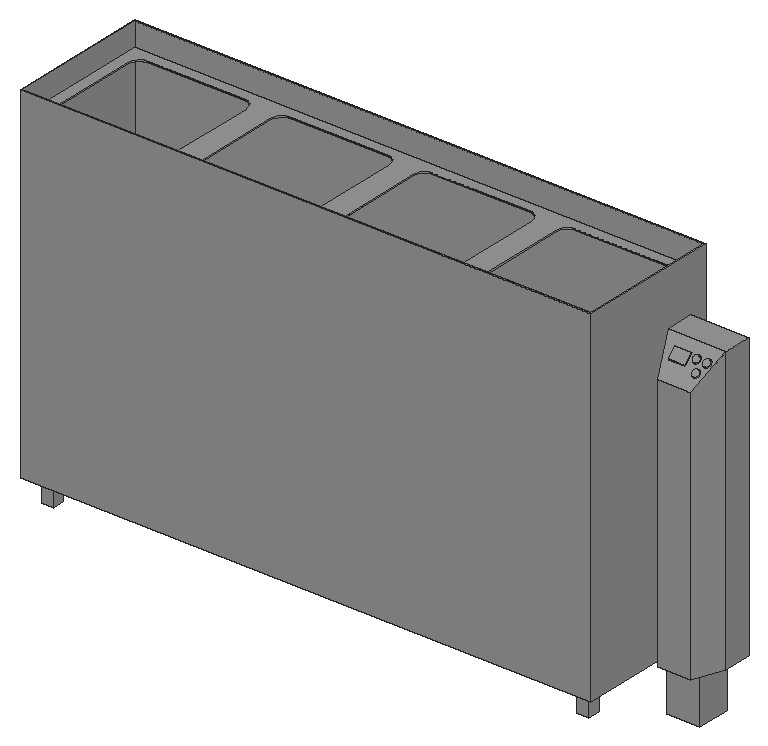
Revit family "Урна для раздельного сбора мусора «Серво» Арт 12773", category Антураж, Revit 2018
Family settings
  На основе рабочей плоскости = Нет
  Всегда вертикально = Да
  При загрузке вырезать с полостями = Нет
  Источник визуального образа = Геометрия семейства
  Общий = Нет
  Точка расчета площади = Нет
Parameters (values of type "4 секции плюс урна для батареек")
  Ширина = 300 mm  # constant formula
  Цвет урны для батареек = Для батареек
  Цвет урны = Сталь
  Урна для батареек = yes
  Описание = if(Урна для батареек, "Урна для раздельного сбора мусора «Серво». 4 секции плюс урна для батареек", "Урна для раздельного сбора мусора «Серво». 4 секции")  # "Урна для раздельного сбора мусора «Серво». 4 секции плюс урна для батареек"
  Материал изделия = "Сталь"  # constant formula
  Изображение типоразмера = Урна для раздельного сбора мусора «Серво» 4 секции плюс урна для батареек Арт 12773.jpg
  Изготовитель = "ООО «Хоббика»"  # constant formula
  Длина = 1200 mm  # constant formula
  Группа модели = "Уличные урны"  # constant formula
  Высота = 780 mm  # constant formula
  Артикул товара = "Арт. 12773"  # constant formula
  URL = "https://hobbyka.ru/product/urna_dlya_razdelnogo_sbora_musora_servo/"
Types (3, lengths in mm): name | Урна для батареек | Описание | Изображение типоразмера
  (no name) | yes | "Урна для раздельного сбора мусора «Серво». 4 секции плюс урна для батареек" | Урна для раздельного сбора мусора «Серво» 4 секции плюс урна для батареек Арт 12773.jpg
  4 секции плюс урна для батареек | yes | "Урна для раздельного сбора мусора «Серво». 4 секции плюс урна для батареек" | Урна для раздельного сбора мусора «Серво» 4 секции плюс урна для батареек Арт 12773.jpg
  4 секции | no | "Урна для раздельного сбора мусора «Серво». 4 секции" | Урна для раздельного сбора мусора «Серво» 4 секции Арт 12773.jpg
Reference planes
  plane 1 "По центру (Вперед/Назад)": y = 0
  plane 2: z = 0
  plane 3 "По центру (Влево/Вправо)": x = 0
  plane 4: x = 1200
  plane 5: y = 300
  plane 6: z = 780
Forms (mm)
  Extrusion 1, solid, material "Сталь" <- "Цвет урны"
    sketch origin (0, 0, 0) x (1, 0, 0) y (0, 1, 0)
      loop
        line (0, 300) -> (0, 0) -> (1200, 0) -> (1200, 300) -> (0, 300)
      loop
        line (2, 298) -> (2, 2) -> (1198, 2) -> (1198, 298) -> (2, 298)
    from 50 to 780
  Extrusion 2, solid, material "Черный"
    sketch origin (0, 0, 0) x (1, 0, 0) y (0, 1, 0)
      loop
        line (25, 275) -> (25, 250) -> (50, 250) -> (50, 275) -> (25, 275)
      loop
        line (25, 25) -> (50, 25) -> (50, 50) -> (25, 50) -> (25, 25)
      loop
        line (1175, 25) -> (1175, 50) -> (1150, 50) -> (1150, 25) -> (1175, 25)
      loop
        line (1175, 275) -> (1150, 275) -> (1150, 250) -> (1175, 250) -> (1175, 275)
    from 0 to 50
  Extrusion 3, solid, material "Сталь" <- "Цвет урны"
    sketch origin (0, 0, 0) x (1, 0, 0) y (0, 1, 0)
      loop
        line (2, 298) -> (2, 2) -> (1198, 2) -> (1198, 298) -> (2, 298)
    from 50 to 52
  Extrusion 4, solid, material "Сталь" <- "Цвет урны"
    sketch origin (0, 0, 0) x (1, 0, 0) y (0, 1, 0)
      loop
        line (2, 298) -> (2, 2) -> (1198, 2) -> (1198, 298) -> (2, 298)
    from 728 to 730
  Extrusion 5, void
    sketch origin (0, 0, 0) x (1, 0, 0) y (0, 1, 0)
      loop
        arc (50, 275) -> (32.322, 267.678) -> (25, 250) r 25
        line (25, 250) -> (25, 50)
        arc (25, 50) -> (32.322, 32.322) -> (50, 25) r 25
        line (50, 25) -> (250, 25)
        arc (250, 25) -> (267.678, 32.322) -> (275, 50) r 25
        line (275, 50) -> (275, 250)
        arc (275, 250) -> (267.678, 267.678) -> (250, 275) r 25
        line (250, 275) -> (50, 275)
      loop
        arc (350, 275) -> (332.322, 267.678) -> (325, 250) r 25
        line (325, 250) -> (325, 50)
        arc (325, 50) -> (332.322, 32.322) -> (350, 25) r 25
        line (350, 25) -> (550, 25)
        arc (550, 25) -> (567.678, 32.322) -> (575, 50) r 25
        line (575, 50) -> (575, 250)
        arc (575, 250) -> (567.678, 267.678) -> (550, 275) r 25
        line (550, 275) -> (350, 275)
      loop
        arc (650, 275) -> (632.322, 267.678) -> (625, 250) r 25
        line (625, 250) -> (625, 50)
        arc (625, 50) -> (632.322, 32.322) -> (650, 25) r 25
        line (650, 25) -> (850, 25)
        arc (850, 25) -> (867.678, 32.322) -> (875, 50) r 25
        line (875, 50) -> (875, 250)
        arc (875, 250) -> (867.678, 267.678) -> (850, 275) r 25
        line (850, 275) -> (650, 275)
      loop
        arc (950, 275) -> (932.322, 267.678) -> (925, 250) r 25
        line (925, 250) -> (925, 50)
        arc (925, 50) -> (932.322, 32.322) -> (950, 25) r 25
        line (950, 25) -> (1150, 25)
        arc (1150, 25) -> (1167.678, 32.322) -> (1175, 50) r 25
        line (1175, 50) -> (1175, 250)
        arc (1175, 250) -> (1167.678, 267.678) -> (1150, 275) r 25
        line (1150, 275) -> (950, 275)
    from 728 to 730
  Extrusion 6, solid, material "Черный", visible <- "Урна для батареек"
    sketch origin (0, 0, 0) x (1, 0, 0) y (0, 1, 0)
      loop
        line (1267.007, 185) -> (1267.007, 115) -> (1337.007, 115) -> (1337.007, 185) -> (1267.007, 185)
    from 0 to 100
  Extrusion 7, solid, material "Для батареек" <- "Цвет урны для батареек", visible <- "Урна для батареек"
    sketch origin (0, 0, 0) x (1, 0, 0) y (0, 1, 0)
      loop
        line (1242.007, 210) -> (1242.007, 150) -> (1267.007, 90) -> (1337.007, 90) -> (1362.007, 150) -> (1362.007, 210) -> (1242.007, 210)
    from 100 to 700
  Extrusion 8, void
    sketch origin (0, 0, 0) x (0, 1, 0) y (0, 0, 1)
      loop
        line (150, 700) -> (90, 700) -> (90, 640) -> (150, 700)
    from 1242.007 to 1362.007
  Extrusion 9, solid, material "Черный", visible <- "Урна для батареек"
    sketch origin (0, 150, 700) x (0, -0.707107, -0.707107) y (1, 0, 0)
      loop
        line (21.989, 1269.168) -> (46.989, 1269.168) -> (46.989, 1304.168) -> (21.989, 1304.168) -> (21.989, 1269.168)
      loop
        circle (29.529, 1318.512) r 7.539
      loop
        circle (29.529, 1340.377) r 7.539
      loop
        circle (52.186, 1329.811) r 7.539
    from 0 to 1
Cuts and joins
  Extrusion 5, Extrusion 8 cuts Extrusion 1
  Extrusion 5, Extrusion 8 cuts Extrusion 3
  Extrusion 5, Extrusion 8 cuts Extrusion 4
  joined: Extrusion 1, Extrusion 3, Extrusion 4
  Extrusion 5 cuts Extrusion 2
  Extrusion 8 cuts Extrusion 7
Dimensions and locks
  "Длина": plane 3 "По центру (Влево/Вправо)" to plane 4
  "Ширина": plane 5 to plane 1 "По центру (Вперед/Назад)"
  "Высота": plane 6 to plane 2
  aligned and locked: level to plane 2
Automatic sketch dimensions
  plane 1 "По центру (Вперед/Назад)" to Extrusion 1 sketch curve = 0 mm
  Extrusion 1 sketch curve to plane 3 "По центру (Влево/Вправо)" = 0 mm
  Extrusion 1 sketch curve to plane 4 = 0 mm
  Extrusion 1 sketch curve to plane 5 = 0 mm
  plane 3 "По центру (Влево/Вправо)" to Extrusion 1 sketch curve = 2 mm
  Extrusion 1 sketch curve to plane 4 = 2 mm
  Extrusion 1 sketch curve to plane 1 "По центру (Вперед/Назад)" = 2 mm
  Extrusion 1 sketch curve to plane 5 = 2 mm
  plane 3 "По центру (Влево/Вправо)" to Extrusion 2 sketch curve = 25 mm  (x2)
  Extrusion 2 sketch curve to Extrusion 2 sketch curve = 25 mm  (x6)
  Extrusion 2 sketch curve to plane 4 = 50 mm  (x2)
  Extrusion 2 sketch curve to plane 1 "По центру (Вперед/Назад)" = 25 mm  (x2)
  Extrusion 2 sketch curve to plane 5 = 50 mm  (x2)
  Extrusion 2 sketch curve to plane 5 = 25 mm  (x2)
  plane 3 "По центру (Влево/Вправо)" to Extrusion 3 sketch curve = 2 mm
  Extrusion 3 sketch curve to plane 4 = 2 mm
  Extrusion 3 sketch curve to plane 1 "По центру (Вперед/Назад)" = 2 mm
  Extrusion 3 sketch curve to plane 5 = 2 mm
  plane 3 "По центру (Влево/Вправо)" to Extrusion 4 sketch curve = 2 mm
  Extrusion 4 sketch curve to plane 4 = 2 mm
  Extrusion 4 sketch curve to plane 1 "По центру (Вперед/Назад)" = 2 mm
  Extrusion 4 sketch curve to plane 5 = 2 mm
  plane 3 "По центру (Влево/Вправо)" to Extrusion 5 sketch curve = 25 mm
  Extrusion 5 sketch curve to Extrusion 5 sketch curve = 25 mm  (x11)
  Extrusion 5 sketch curve to plane 1 "По центру (Вперед/Назад)" = 25 mm  (x4)
  Extrusion 5 sketch curve to Extrusion 5 sketch curve = 200 mm  (x6)
  Extrusion 5 sketch curve to plane 5 = 25 mm
  Extrusion 5 sketch curve to plane 5 = 50 mm  (x3)
  Extrusion 5 sketch curve to Extrusion 5 sketch curve = 50 mm  (x3)
  Extrusion 5 sketch curve to plane 4 = 50 mm  (x2)
  Extrusion 5 sketch curve to plane 4 = 25 mm
  plane 4 to Extrusion 6 sketch curve = 67.007 mm
  Extrusion 6 sketch curve to Extrusion 6 sketch curve = 70 mm  (x2)
  Extrusion 6 sketch curve to plane 5 = 185 mm
  Extrusion 8 sketch curve to plane 1 "По центру (Вперед/Назад)" = 90 mm
  Extrusion 8 sketch curve to Extrusion 8 sketch curve = 60 mm  (x2)
  Extrusion 8 sketch curve to plane 6 = 80 mm
  Extrusion 7 sketch curve to Extrusion 7 sketch curve = 25 mm  (x2)
  Extrusion 7 sketch curve to Extrusion 7 sketch curve = 70 mm
  Extrusion 7 sketch curve to Extrusion 7 sketch curve = 60 mm  (x2)
  Extrusion 7 sketch curve to plane 5 = 90 mm
  plane 4 to Extrusion 7 sketch curve = 42.007 mm
  Extrusion 7 sketch curve to plane 1 "По центру (Вперед/Назад)" = 90 mm
  Extrusion 9 sketch curve to Extrusion 8 = 21.989 mm
  Extrusion 9 sketch curve to Extrusion 9 sketch curve = 7.539 mm
  Extrusion 9 sketch curve to Extrusion 9 sketch curve = 0 mm
  Extrusion 9 sketch curve to Extrusion 9 sketch curve = 17.461 mm
  Extrusion 9 sketch curve to Extrusion 9 sketch curve = 22.658 mm
  Extrusion 8 to Extrusion 9 sketch curve = 27.161 mm
  Extrusion 9 sketch curve to Extrusion 9 sketch curve = 35 mm
  Extrusion 9 sketch curve to Extrusion 9 sketch curve = 14.344 mm
  Extrusion 9 sketch curve to Extrusion 9 sketch curve = 11.3 mm
  Extrusion 8 to Extrusion 9 sketch curve = 21.631 mm
  radius of Extrusion 9 sketch curve = 7.539 mm  (x3)
